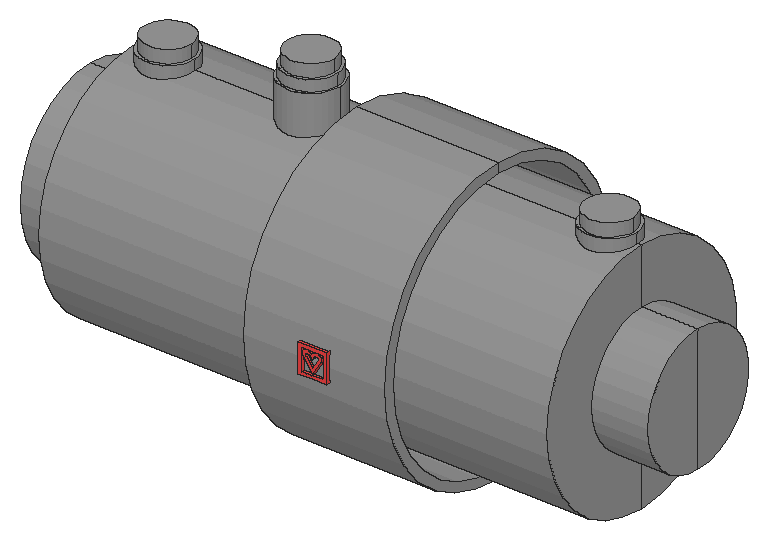
Revit family "Systemtrenner 0307 IG-AG", category Rohrzubehör, Revit 2018
Family settings
  Bemaßung runder Anschluss = Durchmesser verwenden
  Teiletyp = Unterbricht
  OmniClass-Nummer = 23.65.55.14
  OmniClass-Titel = Valves for Liquid Services
  Arbeitsebenenbasiert = Nein
  Immer vertikal = Ja
  Beim Laden mit Abzugskörper schneiden = Nein
  Gemeinsam genutzt = Nein
Parameters (values of type "IG-AG DN40-DN40")
  URL = "www.herz-armaturen.at"
  SCTWSEQ = "AW;SBT_TYP_AW=\"104\";2"
  SCTWCODE = "04;12;02"  # constant formula
  S03 = 15.000 mm  # constant formula
  S02 = 45.000 mm  # constant formula
  S01 = 98.000 mm  # constant formula
  Nennweite Ein [instance] = if(IG_AG_DN40_DN40, 40.000 mm, if(IG_AG_DN40_DN50, 40.000 mm, if(IG_AG_DN50_DN40, 50.000 mm, if(IG_AG_DN50_DN50, 50.000 mm, 0.000 mm))))  # 40.000 mm
  Nennweite Aus [instance] = if(IG_AG_DN40_DN40, 40.000 mm, if(IG_AG_DN40_DN50, 50.000 mm, if(IG_AG_DN50_DN40, 40.000 mm, if(IG_AG_DN50_DN50, 50.000 mm, 0.000 mm))))  # 40.000 mm
  Medium = "Wasser (ohne Dampf)"
  Max. Betriebstemperatur (Kurzzeitig) = 80 °C  # constant formula
  Max. Betriebstemperatur = 65 °C  # constant formula
  Max. Betriebsdruck = 1000000.0 Pa  # constant formula
  L08 = 45.000 mm  # constant formula
  L07 = 24.500 mm  # constant formula
  L06 = 70.000 mm  # constant formula
  L05 = 28.000 mm  # constant formula
  L04 = 13.500 mm  # constant formula
  L03 = 84.500 mm  # constant formula
  L02 = 18.000 mm  # constant formula
  L01 = 193.000 mm  # constant formula
  Hinweis = "Gemäß Art 33 der REACH-Verordnung (EG Nr. 1907/2006) sind wir verpflichtet, darauf hinzuweisen, dass der Stoff Blei auf der SVHC-Liste geführt wird und dass alle aus Messing bestehenden Bauteile, die in unseren Erzeugnissen verarbeitet sind, mehr als 0,1 % (w/w) Blei (CAS: 7439-92-1 / EINECS: 231-100-4) enthalten.\r\nDa Blei als Legierungsbestandteil fest gebunden ist, sind keine Expositionen zu erwarten und daher sind keine zusätzlichen Angaben zur sicheren Verwendung notwendig."
  Hersteller = "HERZ Armaturen Ges.m.b.H."  # constant formula
  Gehäuse = "Edelstahl"  # constant formula
  Einbaulage = "waagrecht oder senkrecht nach unten zeigend"  # constant formula
  D03 [instance] = if(IG_AG_DN40_DN40, 28.000 mm, if(IG_AG_DN40_DN50, 28.000 mm, if(IG_AG_DN50_DN40, 33.000 mm, if(IG_AG_DN50_DN50, 33.000 mm, 0.000 mm))))  # 28.000 mm
  D02 = 45.000 mm  # constant formula
  D01 = 37.500 mm  # constant formula
  Bestellnummer [instance] = if(IG_AG_DN40_DN40, "I030702", if(IG_AG_DN40_DN50, "I030710", if(IG_AG_DN50_DN40, "I030714", if(IG_AG_DN50_DN50, "I030706", "0"))))  # "I030702"
  Ausführung = "Der Systemtrenner wurde nach der Norm DIN EN 1717 entwickelt.\r\nLaut dieser Norm ist die Wasserqualität je nach Grad der Verschmutzung in 5 Klassen eingeteilt.\r\nDer Systemtrenner Typ BA erlaubt eine Absicherung gegen Nichttrinkwasser bis zur Gefahrenklasse 4, der höchsten Gefahrenklasse, die mit einer Armatur abgesichert werden kann.\r\nEine niedrigere Absicherung eines Standrohres als mit einem Systemtrenner BA nach DIN EN 1717 entspricht nicht mehr dem Stand der Technik und führt damit bei einem Schadensfall zur Haftpflicht des Betreibers eines solchen Standrohres.\r\nDie Funktionseinheit ist als einteilige Kartusche mit groß bemessenem Steuerkolben und druckstoßgedämpftem Ablassventilsystem ausgebildet.\r\nGewindeanschlüsse sind untereinander austauschbar, wodurch 16 mögliche Anschlussvarianten (Eingangs- und Ausgangsseite erhältlich in 1 1/2” Innen- oder Außengewinde alternativ in 2” Innen- oder Außengewinde)."
  Anwendung = "Der Systemtrenner ist eine kostengünstige Lösung zum Nachrüsten von Standrohren mit der nach DIN EN 1717 zwingend vorgeschriebenen Sicherungsarmatur gegen Rücksaugen, Rückfließen oder Rückdrücken von Nichttrinkwasser in die Trinkwasserleitung.\r\nDer Systemtrenner ist für den waagerechten Einbau geeignet.\r\nEr kann auch senkrecht montiert werden aber nach unten zeigend.\r\nFür den Einbau in eine Steigleitung ist er nicht zulässig."
  IG_AG_DN50_DN50 = no
  IG_AG_DN50_DN40 = no
  IG_AG_DN40_DN50 = no
  IG_AG_DN40_DN40 = yes
  IG Ein [instance] = Nennweite Ein / 2  # 20.000 mm
  AG Aus [instance] = Nennweite Aus / 2  # 20.000 mm
Types (5, lengths in mm): name | Nennweite Ein | Nennweite Aus | D03 | Bestellnummer | IG_AG_DN50_DN50 | IG_AG_DN50_DN40 | IG_AG_DN40_DN50 | IG_AG_DN40_DN40 | IG Ein | AG Aus
  (no name) | 40.000 | 40.000 | 28.000 | "I030702" | no | no | no | yes | 20.000 | 20.000
  IG-AG DN40-DN50 | 40.000 | 50.000 | 28.000 | "I030710" | no | no | yes | no | 20.000 | 25.000
  IG-AG DN40-DN40 | 40.000 | 40.000 | 28.000 | "I030702" | no | no | no | yes | 20.000 | 20.000
  IG-AG DN50-DN50 | 50.000 | 50.000 | 33.000 | "I030706" | yes | no | no | no | 25.000 | 25.000
  IG-AG DN50-DN40 | 50.000 | 40.000 | 33.000 | "I030714" | no | yes | no | no | 25.000 | 20.000
Reference planes
  plane 1 "Mitte (Vorne/hinten)": y = 0
  plane 2: z = 0
  plane 3 "Mitte (Links/rechts)": x = 0
Forms (mm)
  Revolve 1, solid, material "Messing, weicher Gelbton, geschweißt", detail levels fine
    sketch origin (0, 0, 0) x (1, 0, 0) y (0, 0, 1)
      loop
        line (96.5, 0) -> (96.5, 20) -> (78.5, 20) -> (78.5, 37.5) -> (-83, 37.5) -> (-83, 28) -> (-96.5, 28) -> (-96.5, 20) -> (-83, 20) -> (-83, 0) -> (96.5, 0)
      axis (-96.5, 0) -> (96.5, 0)
    angle from 0 to 360
  Revolve 2, solid, material "Acetalharz, Schwarz", detail levels fine
    sketch origin (0, 0, 0) x (1, 0, 0) y (0, 0, 1)
      loop
        line (-12, 0) -> (1.5, 0) -> (1.5, 42) -> (33, 42) -> (33, 45) -> (-12, 45) -> (-12, 0)
      axis (-12, 0) -> (33, 0)
    angle from 0 to 360
  Extrusion 3, solid, material "Messing, weicher Gelbton, geschweißt", detail levels fine
    sketch origin (0, 0, 0) x (1, 0, 0) y (0, 1, 0)
      loop
        circle (-72, 0) r 8.5
      loop
        circle (68.5, 0) r 8.5
    from 0 to 40.5
  Extrusion 4, solid, material "Acetalharz, Schwarz", detail levels fine
    sketch origin (0, 0, 0) x (1, 0, 0) y (0, 1, 0)
      loop
        circle (-72, 0) r 7.5
      loop
        circle (68.5, 0) r 7.5
    from 40.5 to 44.5
  Extrusion 5, solid, material "Messing, weicher Gelbton, geschweißt", detail levels fine
    sketch origin (0, 0, 0) x (1, 0, 0) y (0, 1, 0)
      loop
        circle (-26.5, 0) r 9.3
    from 0 to 49
  Extrusion 6, solid, material "Messing, weicher Gelbton, geschweißt", detail levels fine
    sketch origin (0, 0, 0) x (1, 0, 0) y (0, 1, 0)
      loop
        circle (-26.5, 0) r 8.5
    from 49 to 52.5
  Extrusion 7, solid, material "Acetalharz, Schwarz", visible <- "IG_AG_DN40_DN50", detail levels fine
    sketch origin (0, 0, 0) x (1, 0, 0) y (0, 1, 0)
      loop
        circle (-26.5, 0) r 7.5
    from 52.5 to 56.5
  Extrusion 8, solid, material "Acetalharz, Schwarz", visible <- "IG_AG_DN40_DN40", detail levels fine
    sketch origin (0, 0, 0) x (1, 0, 0) y (0, 1, 0)
      loop
        circle (-26.5, 0) r 7.5
    from 52.5 to 56.4
  Extrusion 9, solid, material "Acetalharz, Schwarz", visible <- "IG_AG_DN50_DN50", detail levels fine
    sketch origin (0, 0, 0) x (1, 0, 0) y (0, 1, 0)
      loop
        circle (-26.5, 0) r 7.5
    from 52.5 to 56.3
  Extrusion 10, solid, material "Acetalharz, Schwarz", visible <- "IG_AG_DN50_DN40", detail levels fine
    sketch origin (0, 0, 0) x (1, 0, 0) y (0, 1, 0)
      loop
        circle (-26.5, 0) r 7.5
    from 52.5 to 56.2
Lines and regions (mm)
  model lines, detail levels coarse+medium
    curve 1: line (-96.5, 0, 37.5) -> (96.5, 0, 37.5)
    curve 2: line (-96.5, 0, -37.5) -> (-96.5, 0, 37.5)
    curve 3: line (96.5, 0, -37.5) -> (-96.5, 0, -37.5)
    curve 4: line (96.5, 0, 37.5) -> (96.5, 0, -37.5)
    curve 5: line (-96.5, 0, -22.5) -> (-51.5, 0, -22.5)
    curve 6: line (-1.5, 0, -22.5) -> (96.5, 0, -22.5)
    curve 7: line (-96.5, 0, 22.5) -> (-51.5, 0, 22.5)
    curve 8: line (-1.5, 0, 22.5) -> (96.5, 0, 22.5)
    curve 9: line (-96.5, 37.5, 0) -> (96.5, 37.5, 0)
    curve 10: line (-96.5, -37.5, 0) -> (-96.5, 37.5, 0)
    curve 11: line (96.5, -37.5, 0) -> (-96.5, -37.5, 0)
    curve 12: line (96.5, 37.5, 0) -> (96.5, -37.5, 0)
    curve 13: line (-96.5, 22.5, 0) -> (-51.5, 22.5, 0)
    curve 14: line (-1.5, 22.5, 0) -> (96.5, 22.5, 0)
    curve 15: line (-96.5, -22.5, 0) -> (-51.5, -22.5, 0)
    curve 16: line (-1.5, -22.5, 0) -> (96.5, -22.5, 0)
Dimensions and locks
  equal spacing: curve 4, plane 3 "Mitte (Links/rechts)", curve 2
  "L01": curve 4 to curve 2
  "D01": curve 1 to plane 2 to curve 3
  "S03": curve 5 to curve 3
  "S03": curve 1 to curve 7
  "S03": curve 1 to curve 8
  "S03": curve 6 to curve 3
  "S02": curve 5 to curve 2
  "S02": curve 7 to curve 2
  "S01": curve 8 to curve 4
  "S01": curve 6 to curve 4
  equal spacing: curve 10, plane 3 "Mitte (Links/rechts)", curve 12
  "L01": curve 10 to curve 12
  "D01": curve 11 to plane 1 "Mitte (Vorne/hinten)" to curve 9
  "S03": curve 13 to curve 9
  "S03": curve 11 to curve 15
  "S03": curve 14 to curve 9
  "S03": curve 11 to curve 16
  "S01": curve 14 to curve 12
  "S01": curve 16 to curve 12
  "S02": curve 10 to curve 15
  "S02": curve 10 to curve 13
  "D02": Revolve 2 sketch curve to Revolve 2 sketch curve
  equal spacing: Revolve 2, nested 1, Revolve 2
  "D02": nested 1 to plane 1 "Mitte (Vorne/hinten)"
  Revolve 1 sketch curve to Revolve 1 sketch curve = 193.000 mm
  "AG Aus": Revolve 1 sketch curve to Revolve 1 sketch curve
  "IG Ein": Revolve 1 sketch curve to plane 2
  "D03": Revolve 1 sketch curve to plane 2
  "D01": Revolve 1 sketch curve to plane 2
  "L03": Revolve 1 to Revolve 2 sketch curve
  "L07": Revolve 1 to Extrusion 3 sketch curve
  "L05": Extrusion 3 sketch curve to Revolve 1
  "L05": Extrusion 4 sketch curve to Revolve 1
  "L07": Revolve 1 to Extrusion 4 sketch curve
  "L06": Revolve 1 to Extrusion 5 sketch curve
  "L06": Revolve 1 to Extrusion 6 sketch curve
  "L06": Revolve 1 to Extrusion 10 sketch curve
  "L06": Revolve 1 to Extrusion 9 sketch curve
  "L06": Revolve 1 to Extrusion 8 sketch curve
  "L06": Revolve 1 to Extrusion 7 sketch curve
  "L08": Revolve 2 sketch curve to Revolve 2 sketch curve
  aligned and locked: level to plane 2
Automatic sketch dimensions
  Revolve 1 sketch curve to level = 0.000 mm  (x2)
  Revolve 1 sketch curve to plane 3 "Mitte (Links/rechts)" = 96.500 mm
  Revolve 1 sketch curve to Revolve 1 sketch curve = 13.500 mm
  Revolve 1 sketch curve to Revolve 1 sketch curve = 0.000 mm
  plane 3 "Mitte (Links/rechts)" to Revolve 1 sketch curve = 78.500 mm
  Revolve 1 sketch curve to Revolve 1 sketch curve = 18.000 mm
  Revolve 1 sketch curve to Revolve 1 sketch curve = 1408.530 mm
  Revolve 1 sketch curve to Revolve 1 sketch curve = 1741.148 mm
  Revolve 2 sketch curve to level = 0.000 mm  (x2)
  plane 3 "Mitte (Links/rechts)" to Revolve 2 sketch curve = 1.500 mm
  Revolve 2 sketch curve to Revolve 2 sketch curve = 3.000 mm
  Revolve 2 sketch curve to Revolve 2 sketch curve = 1496.030 mm
  Revolve 2 sketch curve to Revolve 2 sketch curve = 1804.648 mm
  plane 1 "Mitte (Vorne/hinten)" to Extrusion 3 sketch curve = 0.000 mm  (x2)
  plane 1 "Mitte (Vorne/hinten)" to Extrusion 4 sketch curve = 0.000 mm  (x2)
  plane 1 "Mitte (Vorne/hinten)" to Extrusion 5 sketch curve = 0.000 mm
  plane 1 "Mitte (Vorne/hinten)" to Extrusion 6 sketch curve = 0.000 mm
  plane 1 "Mitte (Vorne/hinten)" to Extrusion 7 sketch curve = 0.000 mm
  plane 1 "Mitte (Vorne/hinten)" to Extrusion 8 sketch curve = 0.000 mm
  plane 1 "Mitte (Vorne/hinten)" to Extrusion 9 sketch curve = 0.000 mm
  plane 1 "Mitte (Vorne/hinten)" to Extrusion 10 sketch curve = 0.000 mm
  radius of Extrusion 3 sketch curve = 8.500 mm  (x2)
  radius of Extrusion 4 sketch curve = 7.500 mm  (x2)
  radius of Extrusion 5 sketch curve = 9.300 mm
  radius of Extrusion 6 sketch curve = 8.500 mm
  radius of Extrusion 7 sketch curve = 7.500 mm
  radius of Extrusion 8 sketch curve = 7.500 mm
  radius of Extrusion 9 sketch curve = 7.500 mm
  radius of Extrusion 10 sketch curve = 7.500 mm
Nested families
  nested 1: "Herz-Logo-vorne" at (10.5, -45, 0) x (0, 1, 0) z (0, 0, 1), type "Herz-Logo-vorne", detail levels fine
Connectors
  piping at (-83, 0, 0), diameter 40, driven by "Nennweite Ein"
    settings: on Revolve 1, index 1, connector inside diameter 609.6 mm, connector length 0.000 mm, flow factor 0, pipe flow 0.0 L/s, pressure drop 0.0 Pa, fitting loss kfactor 0, connector angle 0.00°, fixture units 0, engagement length 0.000 mm, angle of deflection 0.00°, flow configuration 0, flow direction 1, fitting loss method 0, system type 29, joint type 0, gender type 0, connector reference index -1, connector utility 0, adjustable connector no, is connector primary yes, connector description ""
  piping at (96.5, 0, 0), diameter 40, driven by "Nennweite Aus"
    settings: on Revolve 1, index 2, connector inside diameter 609.6 mm, connector length 0.000 mm, flow factor 0, pipe flow 0.0 L/s, pressure drop 0.0 Pa, fitting loss kfactor 0, connector angle 0.00°, fixture units 0, engagement length 0.000 mm, angle of deflection 0.00°, flow configuration 0, flow direction 2, fitting loss method 0, system type 29, joint type 0, gender type 0, connector reference index -1, connector utility 0, adjustable connector no, is connector primary no, connector description ""
Definition of nested family "Herz-Logo-vorne"
  Reference planes
    plane 1 "Mitte (Vorne/hinten)": y = 0
    plane 2: z = 0
    plane 3 "Mitte (Links/rechts)": x = 0
  Forms (mm)
    Extrusion 1, solid
      sketch origin (0.732, -0.018, 0.017) x (0, -1, 0) y (0, 0, 1)
        loop
          line (-0.018, -4.517) -> (4.482, -4.517) -> (4.482, 4.483) -> (-4.518, 4.483) -> (-4.518, -4.517) -> (-0.018, -4.517)
        loop
          line (-0.05, -3.48) -> (3.482, -3.48) -> (3.482, 3.483) -> (-3.518, 3.483) -> (-3.518, -3.48) -> (-0.05, -3.48)
        loop
          arc (-0.018, 2.383) -> (-1.543, 3.287) -> (-3.067, 2.383) r 1.738
          arc (-3.067, 2.383) -> (-3.191, 1.899) -> (-3.067, 1.415) r 1.009
          line (-3.067, 1.415) -> (-0.018, -3.281) -> (3.032, 1.415)
          arc (3.032, 1.415) -> (3.156, 1.899) -> (3.032, 2.383) r 1.009
          arc (3.032, 2.383) -> (1.507, 3.287) -> (-0.018, 2.383) r 1.738
        loop
          arc (1.885, 1.272) -> (2.005, 1.675) -> (1.885, 2.079) r 0.74
          arc (1.885, 2.079) -> (1.265, 2.416) -> (0.644, 2.079) r 0.74
          line (0.644, 2.079) -> (-0.018, 0.97) -> (-0.679, 2.079)
          arc (-0.679, 2.079) -> (-1.3, 2.416) -> (-1.921, 2.079) r 0.74
          arc (-1.921, 2.079) -> (-2.04, 1.675) -> (-1.921, 1.272) r 0.74
          line (-1.921, 1.272) -> (-0.018, -1.658) -> (1.885, 1.272)
      from 0 to 1.5
  Dimensions and locks
    aligned and locked: level to plane 2
